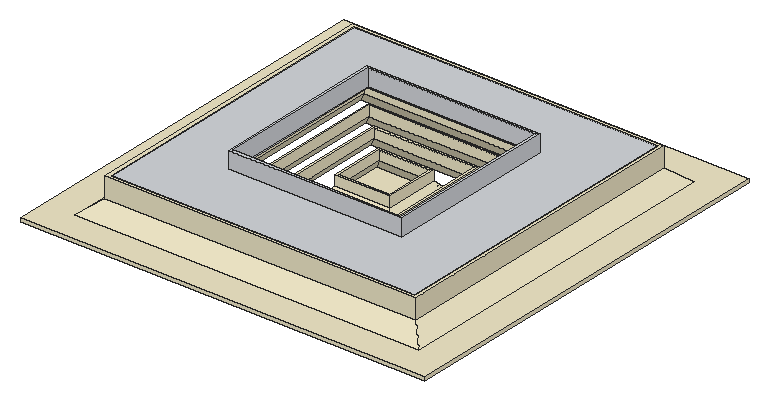
Revit family "Square Diffuser-Square Neck-Return", category Air Terminals, Revit 2013
Parameters (values of type "600x600-Square Diffuser-Round Neck-Supply")
  UpFlowArrow [instance] = yes
  Title 1 = ""
  Pressure Drop [instance] = 14.0 Pa
  RightFlowArrow [instance] = yes
  Max Flow = 125.0 L/s
  LeftFlowArrow [instance] = yes
  Flow [instance] = 100.0 L/s
  Diffuser Service [instance] = "RD"
  Diffuser Neck Length = 450 mm
  Diffuser Neck Width = 450 mm
  DownFlowArrow [instance] = yes
  Diffuser Total Length = Diffuser Neck Length + 150.0 mm  # 600.0 mm
  Diffuser Total Width = Diffuser Neck Width + 150.0 mm  # 600.0 mm
  Description = ""
  Connection Length [instance] = if(Air Flow < 56.0 L/s, 150.0 mm, if(Air Flow < 91.0 L/s, 200.0 mm, if(Air Flow < 141.0 L/s, 250.0 mm, if(Air Flow < 191.0 L/s, 300.0 mm, if(Air Flow < 301.0 L/s, 300.0 mm, if(Air Flow < 251.0 L/s, 350.0 mm, 400.0 mm))))))  # 250 mm
  Assembly Code = ""
  Air Flow [instance] = Flow  # 100.0 L/s
Types (5, lengths in mm): name | Max Flow | Flow | Diffuser Service | Diffuser Neck Length | Diffuser Neck Width | Diffuser Total Length | Diffuser Total Width | Connection Length | Air Flow
  600x600-Square Diffuser-Round Neck-Supply | 125.0 L/s | 100.0 L/s | "RD" | 450 | 450 | 600.0 | 600.0 | 250 | 100.0 L/s
  525x525-Square Diffuser-Round Neck-Supply | 70.0 L/s | 70.0 L/s | "SD" | 375 | 375 | 525.0 | 525.0 | 200 | 70.0 L/s
  450x450-Square Diffuser-Round Neck-Supply | 70.0 L/s | 70.0 L/s | "SD" | 300 | 300 | 450.0 | 450.0 | 200 | 70.0 L/s
  300x300-Square Diffuser-Round Neck-Supply | 30.0 L/s | 65.0 L/s | "SD" | 225 | 225 | 375.0 | 375.0 | 200 | 65.0 L/s
  375x375-Square Diffuser-Round Neck-Supply | 120.0 L/s | 120.0 L/s | "SD" | 225 | 225 | 375.0 | 375.0 | 250 | 120.0 L/s
Reference planes
  plane 1 "Center (Front/Back)": y = 0
  plane 2: z = 0
  plane 3 "Center (Left/Right)": x = 0
  plane 4: x = -225
  plane 5: x = 225
  plane 6: x = -230
  plane 7: x = 230
  plane 8: y = 225
  plane 9: y = -225
  plane 10: y = 230
  plane 11: y = -230
  plane 12: z = -5
  plane 13: x = -255
  plane 14: x = -300
  plane 15: x = 255
  plane 16: x = 300
  plane 17: z = 20
  plane 18 "Neck": z = 50
  plane 19: y = 350
  plane 20: x = 350
  plane 21: y = -350
  plane 22: x = -350
  plane 23 "Duct Conn": z = 75
  plane 24: x = 125
  plane 25: y = -125
  plane 26: y = 125
  plane 27: y = 128
  plane 28: y = -128
  plane 29: x = -125
  plane 30: x = -128
  plane 31: x = 128
Forms (mm)
  Sweep 1, solid, material "Grille"
    path origin (0, 0, 0) x (1, 0, 0) y (0, 1, 0)
      loop
        line (-230, -230) -> (230, -230) -> (230, 230) -> (-230, 230) -> (-230, -230)
    profile origin (-230, 0, 0) x (-1, 0, 0) y (0, 0, 1)
      loop
        line (70, -5) -> (70, 0) -> (25, 0) -> (0, 20) -> (0, 50) -> (-5, 50) -> (-5, 17.597) -> (23.246, -5) -> (70, -5)
  Sweep 2, solid, material "Grille"
    path origin (0, 0, 0) x (1, 0, 0) y (0, 1, 0)
      loop
        line (-212.5, -212.5) -> (212.5, -212.5) -> (212.5, 212.5) -> (-212.5, 212.5) -> (-212.5, -212.5)
    profile "Sq Diff Fins : Sq Diff Fins" origin (-212.5, 0, 0) x (-1, 0, 0) y (0, 0, 1)
      loop
        line (0, -5) -> (-22, 20) -> (-22, 35) -> (-25, 35) -> (-25, 20) -> (-3.5, -5) -> (0, -5)
  Sweep 3, solid, material "Grille"
    path origin (0, 0, 0) x (1, 0, 0) y (0, 1, 0)
      loop
        line (-175, -175) -> (175, -175) -> (175, 175) -> (-175, 175) -> (-175, -175)
    profile "Sq Diff Fins : Sq Diff Fins" origin (-175, 0, 0) x (-1, 0, 0) y (0, 0, 1)
      loop
        line (0, -5) -> (-22, 20) -> (-22, 35) -> (-25, 35) -> (-25, 20) -> (-3.5, -5) -> (0, -5)
  Sweep 4, solid, material "Grille"
    path origin (0, 0, 0) x (1, 0, 0) y (0, 1, 0)
      loop
        line (-137.5, -137.5) -> (137.5, -137.5) -> (137.5, 137.5) -> (-137.5, 137.5) -> (-137.5, -137.5)
    profile "Sq Diff Fins : Sq Diff Fins" origin (-137.5, 0, 0) x (-1, 0, 0) y (0, 0, 1)
      loop
        line (0, -5) -> (-22, 20) -> (-22, 35) -> (-25, 35) -> (-25, 20) -> (-3.5, -5) -> (0, -5)
  Sweep 5, solid, material "Grille"
    path origin (0, 0, 0) x (1, 0, 0) y (0, 1, 0)
      loop
        line (-100, -100) -> (100, -100) -> (100, 100) -> (-100, 100) -> (-100, -100)
    profile "Sq Diff Fins : Sq Diff Fins" origin (-100, 0, 0) x (-1, 0, 0) y (0, 0, 1)
      loop
        line (0, -5) -> (-22, 20) -> (-22, 35) -> (-25, 35) -> (-25, 20) -> (-3.5, -5) -> (0, -5)
  Sweep 6, solid, material "Grille"
    path origin (0, 0, 0) x (1, 0, 0) y (0, 1, 0)
      loop
        line (-62.5, -62.5) -> (62.5, -62.5) -> (62.5, 62.5) -> (-62.5, 62.5) -> (-62.5, -62.5)
    profile "Sq Diff Fins : Sq Diff Fins" origin (-62.5, 0, 0) x (-1, 0, 0) y (0, 0, 1)
      loop
        line (0, -5) -> (-22, 20) -> (-22, 35) -> (-25, 35) -> (-25, 20) -> (-3.5, -5) -> (0, -5)
  Extrusion 7, solid, material "Grille"
    sketch origin (0, 0, 0) x (1, 0, 0) y (0, 1, 0)
      loop
        line (-62.5, -62.5) -> (62.5, -62.5) -> (62.5, 62.5) -> (-62.5, 62.5) -> (-62.5, -62.5)
    from -5 to -4
  Extrusion 8, solid
    sketch origin (0, 0, 0) x (1, 0, 0) y (0, 1, 0)
      loop
        line (-225, -225) -> (225, -225) -> (225, 225) -> (-225, 225) -> (-225, -225)
    from 50 to 48
  Extrusion 9, solid
    sketch origin (0, 0, 75) x (-1, 0, 0) y (0, -1, 0)
      loop
        line (125, 125) -> (-125, 125) -> (-125, -125) -> (125, -125) -> (125, 125)
      loop
        line (128, 128) -> (-128, 128) -> (-128, -128) -> (128, -128) -> (128, 128)
    from 0 to -25
  Extrusion 10, void
    sketch origin (0, 0, 50) x (-1, 0, 0) y (0, -1, 0)
      loop
        line (125, 125) -> (-125, 125) -> (-125, -125) -> (125, -125) -> (125, 125)
    from 0 to -2
Cuts and joins
  Extrusion 10 cuts Extrusion 8
Lines and regions (mm)
  symbolic lines
    curve 1: line (-300, 300, 0) -> (300, 300, 0)
    curve 2: line (-300, -300, 0) -> (-300, 300, 0)
    curve 3: line (300, -300, 0) -> (-300, -300, 0)
    curve 4: line (300, 300, 0) -> (300, -300, 0)
    curve 5: line (300, 300, 0) -> (-300, -300, 0)
    curve 6: line (-300, 300, 0) -> (300, -300, 0)
Dimensions and locks
  equal spacing: plane 5, plane 3 "Center (Left/Right)", plane 4
  "Diffuser Neck Length": plane 5 to plane 4
  locked: plane 6 to plane 4 at 5
  locked: plane 7 to plane 5 at 5
  equal spacing: plane 8, plane 1 "Center (Front/Back)", plane 9
  "Diffuser Neck Width": plane 8 to plane 9
  locked: plane 9 to plane 11 at 5
  locked: plane 10 to plane 8 at 5
  locked: level to plane 12 at 5
  locked: plane 4 to plane 13 at 30
  locked: plane 13 to plane 14 at 45
  locked: plane 15 to plane 5 at 30
  locked: plane 16 to plane 15 at 45
  locked: plane 17 to level at 20
  locked: plane 18 "Neck" to plane 17 at 30
  plane 5 to plane 20 = 125.0 mm
  plane 22 to plane 4 = 125.0 mm
  plane 19 to plane 8 = 125.0 mm
  plane 9 to plane 21 = 125.0 mm
  plane 23 "Duct Conn" to plane 18 "Neck" = 25.0 mm
  equal spacing: plane 26, plane 1 "Center (Front/Back)", plane 25
  "Connection Length": plane 26 to plane 25
  locked: plane 25 to plane 28 at 3
  locked: plane 27 to plane 26 at 3
  equal spacing: plane 29, plane 3 "Center (Left/Right)", plane 24
  "Connection Length": plane 29 to plane 24
  locked: plane 24 to plane 31 at 3
  locked: plane 30 to plane 29 at 3
  aligned and locked: plane 20 to nested 1
  aligned and locked: nested 3 to plane 22
  aligned and locked: plane 19 to nested 2
  aligned and locked: nested 4 to plane 21
Automatic sketch dimensions
  Sweep 1 sketch curve to plane 10 = 0.0 mm
  Sweep 1 sketch curve to plane 6 = 0.0 mm
  Sweep 1 sketch curve to plane 7 = 0.0 mm
  Sweep 1 sketch curve to plane 11 = 0.0 mm
  Sweep 1 sketch curve to profile plane = 0.0 mm
  Sweep 1 sketch curve to level = 0.0 mm
  Sweep 1 sketch curve to Sweep 1 sketch curve = 5.0 mm
  Sweep 1 sketch curve to profile plane = 25.0 mm
  Sweep 1 sketch curve to Sweep 1 sketch curve = 45.0 mm
  Sweep 1 sketch curve to level = 5.0 mm
  Sweep 1 sketch curve to Sweep 1 sketch curve = 1.754 mm
  level to Sweep 1 sketch curve = 20.0 mm
  Sweep 1 sketch curve to Sweep 1 sketch curve = 30.0 mm
  Sweep 1 sketch curve to Sweep 1 sketch curve = 2.403 mm
  Sweep 2 sketch curve to plane 8 = 12.5 mm
  plane 4 to Sweep 2 sketch curve = 12.5 mm
  plane 9 to Sweep 2 sketch curve = 12.5 mm
  Sweep 2 sketch curve to plane 5 = 12.5 mm
  plane 4 to Sweep 3 sketch curve = 50.0 mm
  Sweep 3 sketch curve to plane 8 = 50.0 mm
  Sweep 3 sketch curve to plane 5 = 50.0 mm
  plane 9 to Sweep 3 sketch curve = 50.0 mm
  plane 4 to Sweep 4 sketch curve = 87.5 mm
  Sweep 4 sketch curve to plane 8 = 87.5 mm
  Sweep 4 sketch curve to plane 5 = 87.5 mm
  plane 9 to Sweep 4 sketch curve = 87.5 mm
  Sweep 5 sketch curve to plane 3 "Center (Left/Right)" = 100.0 mm
  Sweep 5 sketch curve to plane 1 "Center (Front/Back)" = 100.0 mm
  plane 3 "Center (Left/Right)" to Sweep 5 sketch curve = 100.0 mm
  plane 1 "Center (Front/Back)" to Sweep 5 sketch curve = 100.0 mm
  Sweep 6 sketch curve to plane 3 "Center (Left/Right)" = 62.5 mm
  Sweep 6 sketch curve to plane 1 "Center (Front/Back)" = 62.5 mm
  plane 3 "Center (Left/Right)" to Sweep 6 sketch curve = 62.5 mm
  plane 1 "Center (Front/Back)" to Sweep 6 sketch curve = 62.5 mm
  Extrusion 7 sketch curve to plane 3 "Center (Left/Right)" = 62.5 mm
  plane 1 "Center (Front/Back)" to Extrusion 7 sketch curve = 62.5 mm
  plane 3 "Center (Left/Right)" to Extrusion 7 sketch curve = 62.5 mm
  Extrusion 7 sketch curve to plane 1 "Center (Front/Back)" = 62.5 mm
  Extrusion 8 sketch curve to plane 4 = 0.0 mm
  Extrusion 8 sketch curve to plane 5 = 0.0 mm
  Extrusion 8 sketch curve to plane 9 = 0.0 mm
  Extrusion 8 sketch curve to plane 8 = 0.0 mm
  curve 1 to plane 14 = 0.0 mm
  plane 21 to curve 3 = 50.0 mm
  curve 6 to plane 16 = 0.0 mm
  curve 4 to plane 19 = 50.0 mm
  Extrusion 9 sketch curve to plane 27 = 0.0 mm
  Extrusion 9 sketch curve to plane 31 = 0.0 mm
  Extrusion 9 sketch curve to plane 24 = 0.0 mm
  Extrusion 9 sketch curve to plane 26 = 0.0 mm
  Extrusion 9 sketch curve to plane 29 = 0.0 mm
  Extrusion 9 sketch curve to plane 30 = 0.0 mm
  Extrusion 9 sketch curve to plane 25 = 0.0 mm
  Extrusion 9 sketch curve to plane 28 = 0.0 mm
  Extrusion 10 sketch curve to plane 24 = 0.0 mm
  Extrusion 10 sketch curve to plane 26 = 0.0 mm
  Extrusion 10 sketch curve to plane 29 = 0.0 mm
  Extrusion 10 sketch curve to plane 25 = 0.0 mm
Nested families
  nested 1: "Ret-Arr" at (350, 0, 0), visible <- "RightFlowArrow", type "Ret-Arr"
  nested 2: "Ret-Arr" at (0, 350, 0) x (0, 1, 0) z (0, 0, 1), visible <- "UpFlowArrow", type "Ret-Arr"
  nested 3: "Ret-Arr" at (-350, 0, 0) x (-1, 0, 0) z (0, 0, 1), visible <- "LeftFlowArrow", type "Ret-Arr"
  nested 4: "Ret-Arr" at (0, -350, 0) x (0, -1, 0) z (0, 0, 1), visible <- "DownFlowArrow", type "Ret-Arr"
Connectors
  hvac at (0, 0, 75), driven by "Connection Length", driven by "Connection Length"
    settings: on Extrusion 9, index 1, duct flow 0.0 L/s, flow factor 0, pres drop 0.0 Pa, loss coef 0, conn angle 0.00°, conn width 250 mm, conn height 250 mm, conn radius 304.8 mm, duct sys type 2, conn prof type 1, flow config 0, flow direction 0, loss method 0, conn ref index -1, conn util no, is conn primary yes, conn desc ""
Definition of nested family "Ret-Arr"
  Reference planes
    plane 1 "Center (Front/Back)": y = 0
    plane 2: z = 0
    plane 3 "Center (Left/Right)": x = 0
  Lines and regions (mm)
    Filled region 1, type "Solid Fill - Black", in view "Ref. Level"
      outline origin (0, 0, 0) x (1, 0, 0) y (0, 1, 0)
        loop
          line (0, 0) -> (100, -28.439) -> (100, -8) -> (151.671, -8) -> (165.7, -65.127) -> (187.473, 22.199) -> (196.132, -8) -> (250, -8) -> (250, 8) -> (201.704, 8) -> (187.005, 59.263) -> (165.794, -25.808) -> (156.736, 8) -> (100, 8) -> (100, 28.675) -> (0, 0)
    detail lines, in view "Ref. Level"
      curve 1: line (0, 0, 0) -> (100, 28.675, 0)
      curve 2: line (100, 8, 0) -> (100, 28.675, 0)
      curve 3: line (100, 8, 0) -> (156.736, 8, 0)
      curve 4: line (156.736, 8, 0) -> (165.794, -25.808, 0)
      curve 5: line (165.794, -25.808, 0) -> (187.005, 59.263, 0)
      curve 6: line (187.005, 59.263, 0) -> (201.704, 8, 0)
      curve 7: line (201.704, 8, 0) -> (250, 8, 0)
      curve 8: line (250, 8, 0) -> (250, -8, 0)
      curve 9: line (250, -8, 0) -> (196.132, -8, 0)
      curve 10: line (196.132, -8, 0) -> (187.473, 22.199, 0)
      curve 11: line (187.473, 22.199, 0) -> (165.7, -65.127, 0)
      curve 12: line (165.7, -65.127, 0) -> (151.671, -8, 0)
      curve 13: line (151.671, -8, 0) -> (100, -8, 0)
      curve 14: line (100, -8, 0) -> (100, -28.439, 0)
      curve 15: line (100, -28.439, 0) -> (0, 0, 0)
